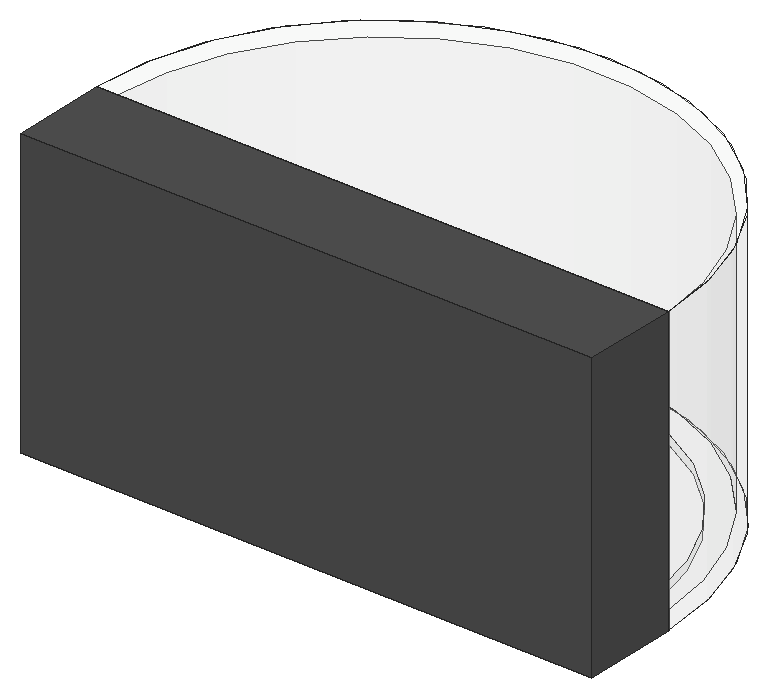
Revit family "Arandela - Meio círculo", category Luminárias, Revit 2019
Family settings
  Hospedeiro = Parede
  Cota do conector redondo = Utilizar diâmetro
  Tipo de parte = Normal
  Número OmniClass = 23.80.70.00
  Título OmniClass = Lighting
  Sempre na vertical = Sim
  Corte com vazios quando carregada = Não
  Fonte luminosa = Sim
  Compartilhado = Não
  Ponto de cálculo do ambiente = Não
Parameters (values of type "60x60mm-40W")
  Wattage = 40 W
  Material montado na parede = Metal - Cromo
  built-in parameter 1150110 = 1 (stored number, unit not read)
  built-in parameter 1114217 = 1 (stored number, unit not read)
  Tilt Angle = 90.00°
  Espessura = R1 + 20 mm  # 80 mm
  Ângulo do ponto do campo = 120.00°
  Ângulo do ponto da viga = 30.00°
  Material de sombra = Vidro, Branco, Alta Luminosidade
  R1 = Largura / 2  # 60 mm
  R3 = R2 - 5 mm  # 53 mm
  R2 = R1 - 2 mm  # 58 mm
  Comprimento do símbolo da fonte luminosa = Altura de montagem  # 2200 mm
  Altura = R1  # 60 mm
  Largura = 120 mm
  built-in parameter 1150109 = 1 (stored number, unit not read)
  built-in parameter 1150134 = (empty or 0)
  built-in parameter 1150113 = 1 (stored number, unit not read)
  Altura de montagem = 2200 mm
  Material da luminária = Vidro, Branco, Alta Luminosidade
  Lumens = 5941.68 lm
  built-in parameter 1150115 = 1 (stored number, unit not read)
  built-in parameter 1150105 = 19852.7 (stored number, unit not read)
  built-in parameter 1150137 = (empty or 0)
  built-in parameter 1150139 = (empty or 0)
  built-in parameter 1150112 = 1 (stored number, unit not read)
  built-in parameter 1150114 = 1 (stored number, unit not read)
  built-in parameter 1150132 = (empty or 0)
  built-in parameter 1150102 = (empty or 0)
  built-in parameter 1150138 = (empty or 0)
  built-in parameter 1150107 = 3000 (stored number, unit not read)
  built-in parameter 1150106 = 198.53 (stored number, unit not read)
  built-in parameter 1150104 = 13.8 (stored number, unit not read)
  Dimming Lamp Color Temperature Shift = (empty or 0)
  Color Filter = 16777215
  built-in parameter 1114218 = 1 (stored number, unit not read)
  built-in parameter 1150133 = 10 (stored number, unit not read)
Reference planes
  plane 1: y = 0
  plane 2 "Eixo de origem da luz (E/D)": x = 125
  plane 3 "Eixo da fonte de luz (F/T)": y = 125
  plane 4 "Elevação da origem da luz": z = 2200
  plane 5: z = 2230
  plane 6: z = 2170
  plane 7: z = 0
  plane 8: x = 185
  plane 9: x = 65
  plane 10: y = 95
  plane 11: z = 2230
  plane 12: z = 2170
  plane 13: y = 155
  plane 14: z = 2228
  plane 15: z = 2172
  plane 16: x = 67
  plane 17: x = 183
  plane 18: y = 153
  plane 19: y = 97
  plane 20: y = 148
  plane 21: x = 72
  plane 22: x = 178
  plane 23: y = 102
  plane 24: z = 2172
Forms (mm)
  Extrusion 1, solid, material "Vidro, Branco, Alta Luminosidade" <- "Material da luminária"
    sketch origin (0, 0, 2200) x (1, 0, 0) y (0, 1, 0)
      loop
        line (65, 95) -> (185, 95)
        arc (185, 95) -> (125, 155) -> (65, 95) r 60
      loop
        line (67.034, 97) -> (182.966, 97)
        arc (182.966, 97) -> (125, 153) -> (67.034, 97) r 58
    from -30 to 30
  Extrusion 2, solid, material "Vidro, Branco, Alta Luminosidade" <- "Material da luminária"
    sketch origin (0, 0, 2200) x (1, 0, 0) y (0, 1, 0)
      loop
        line (67.034, 97) -> (182.966, 97)
        arc (182.966, 97) -> (125, 153) -> (67.034, 97) r 58
    from 28 to 30
  Extrusion 3, solid, material "Metal - Cromo" <- "Material montado na parede"
    sketch origin (0, 0, 2200) x (1, 0, 0) y (0, 1, 0)
      loop
        line (65, 95) -> (65, 75) -> (185, 75) -> (185, 95) -> (65, 95)
    from -30 to 30
  Extrusion 4, solid, material "Vidro, Branco, Alta Luminosidade" <- "Material de sombra"
    sketch origin (0, 0, 2200) x (1, 0, 0) y (0, 1, 0)
      loop
        line (72.464, 102) -> (177.536, 102)
        arc (177.536, 102) -> (125, 148) -> (72.464, 102) r 53
    from -30 to -28
  Extrusion 5, solid, material "Vidro, Branco, Alta Luminosidade" <- "Material da luminária"
    sketch origin (0, 0, 2200) x (1, 0, 0) y (0, 1, 0)
      loop
        line (67.034, 97) -> (182.966, 97)
        arc (182.966, 97) -> (125, 153) -> (67.034, 97) r 58
      loop
        line (72.464, 102) -> (177.536, 102)
        arc (177.536, 102) -> (125, 148) -> (72.464, 102) r 53
    from -30 to -28
Cuts and joins
  joined: Extrusion 1, Extrusion 2, Extrusion 5
Text (mm)
  text "Lado da coloca玢o" at (-1787.139, 1116.779, 0), in view "Nível de referência"
  text "Lado da coloca玢o" at (0, 2110.396, 2986.058), in view "Esquerda"
  text "Lado da coloca玢o" at (0, 628.478, 3011.967), in view "Direita"
Dimensions and locks
  "Altura de montagem": plane 7 to plane 4 "Elevação da origem da luz"
  equal spacing: plane 6, plane 4 "Elevação da origem da luz", plane 5
  "Altura": plane 6 to plane 5
  equal spacing: plane 9, plane 2 "Eixo de origem da luz (E/D)", plane 8
  "Largura": plane 9 to plane 8
  equal spacing: plane 12, plane 4 "Elevação da origem da luz", plane 11
  "Altura": plane 12 to plane 11
  equal spacing: plane 13, plane 3 "Eixo da fonte de luz (F/T)", plane 10
  "R1": plane 13 to plane 10
  locked: plane 14 to plane 5 at 2
  locked: plane 6 to plane 15 at 2
  locked: plane 10 to plane 19 at 2
  locked: plane 13 to plane 18 at 2
  locked: plane 9 to plane 16 at 2
  locked: plane 17 to plane 8 at 2
  locked: plane 18 to plane 20 at 5
  locked: plane 16 to plane 21 at 5
  locked: plane 22 to plane 17 at 5
  locked: plane 23 to plane 19 at 5
  locked: plane 12 to plane 24 at 2
  "Espessura": plane 13 to host wall
  "R2": radius of Extrusion 1 sketch curve
  "R1": radius of Extrusion 1 sketch curve
  "R3": radius of Extrusion 4 sketch curve
  "R3": radius of Extrusion 5 sketch curve
  "R2": radius of Extrusion 5 sketch curve
  "R2": radius of Extrusion 2 sketch curve
  aligned and locked: plane 1 to host wall
  aligned and locked: imposter light to plane 4 "Elevação da origem da luz"
  aligned and locked: level to plane 7
  aligned and locked: plane 5 to Extrusion 1
  aligned and locked: plane 6 to Extrusion 1
  aligned and locked: Extrusion 2 to plane 14
  aligned and locked: plane 5 to Extrusion 2
  aligned and locked: Extrusion 3 to plane 12
  aligned and locked: plane 11 to Extrusion 3
  aligned and locked: plane 15 to Extrusion 4
  aligned and locked: plane 6 to Extrusion 4
  aligned and locked: plane 24 to Extrusion 5
  aligned and locked: Extrusion 5 to plane 12
  aligned and locked: host wall to Extrusion 3 sketch curve
  aligned and locked: plane 8 to Extrusion 3 sketch curve
  aligned and locked: plane 10 to Extrusion 1 sketch curve  (x2)
  aligned and locked: plane 2 "Eixo de origem da luz (E/D)" to Extrusion 1 sketch curve  (x2)
  aligned and locked: plane 19 to Extrusion 1 sketch curve
  aligned and locked: Extrusion 1 sketch curve to plane 10
  aligned and locked: plane 10 to Extrusion 5 sketch curve  (x2)
  aligned and locked: plane 2 "Eixo de origem da luz (E/D)" to Extrusion 5 sketch curve  (x2)
  aligned and locked: Extrusion 5 sketch curve to plane 19
  aligned and locked: Extrusion 5 sketch curve to plane 23
  aligned and locked: plane 10 to Extrusion 4 sketch curve
  aligned and locked: plane 2 "Eixo de origem da luz (E/D)" to Extrusion 4 sketch curve
  aligned and locked: Extrusion 4 sketch curve to plane 23
  aligned and locked: plane 10 to Extrusion 2 sketch curve
  aligned and locked: plane 19 to Extrusion 2 sketch curve
  aligned and locked: imposter light to plane 3 "Eixo da fonte de luz (F/T)"
  aligned and locked: imposter light to plane 2 "Eixo de origem da luz (E/D)"
Automatic sketch dimensions
  Extrusion 2 sketch curve to plane 2 "Eixo de origem da luz (E/D)" = 0 mm
  Extrusion 3 sketch curve to plane 9 = 0 mm
  plane 10 to Extrusion 3 sketch curve = 0 mm
